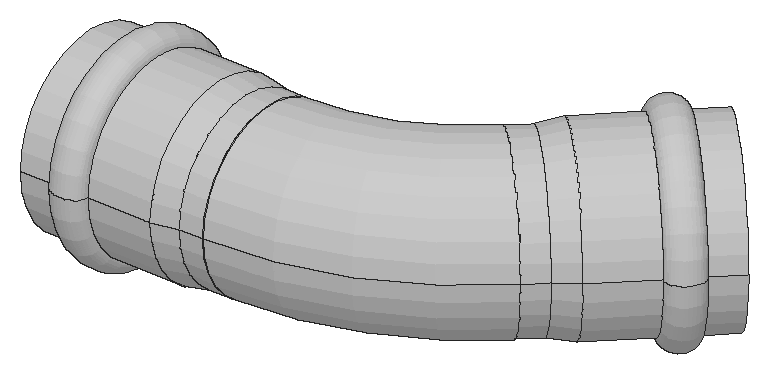
Revit family "VTi.951.I_959.I_Фитинг_пресс-угольник_Нерж_VALTEC", category Соединительные детали трубопроводов, Revit 2023
Family settings
  Размер круглого соединителя = Использовать диаметр
  Тип детали = Отвод
  На основе рабочей плоскости = Нет
  Всегда вертикально = Да
  При загрузке вырезать с полостями = Нет
  Общий = Нет
Parameters
  Угол вращения [instance] = -Угол  # -45.00°
  Угол [instance] = 45.00°
  Отметка по умолчанию = 0.00 mm
  l5 [instance] = size_lookup(LT, "l5", 5.00 mm, dn, Угол)  # 10.78 mm
  l4 [instance] = size_lookup(LT, "l4", 1.00 mm, dn, Угол)  # 11.27 mm
  l3 [instance] = size_lookup(LT, "l3", 8.50 mm, dn, Угол)  # 28.42 mm
  l2 [instance] = size_lookup(LT, "l2", 6.00 mm, dn, Угол)  # 15.96 mm
  l1 [instance] = size_lookup(LT, "l1", 6.00 mm, dn, Угол)  # 14.42 mm
  h_выступа [instance] = size_lookup(LT, "h_выступа", 2.50 mm, dn, Угол)  # 6.00 mm
  dn [instance] = 76 mm
  d1 [instance] = size_lookup(LT, "d1", 13.50 mm, dn)  # 76.00 mm
  d [instance] = size_lookup(LT, "d", 14.70 mm, dn)  # 80.36 mm
  Rz [instance] = size_lookup(LT, "Rz", 20.70 mm, dn, Угол)  # 47.572 mm
  Ra [instance] = Rz / tan(Угол / 2)  # 114.849 mm
  LT = "VTi.951.I_959.I_Фитинг_пресс-угольник_Нерж_VALTEC"  # constant formula
  L [instance] = l1 + l2 + l3 + l4 + l5 + Rz  # 128.422 mm
  ADSK_Примечание [instance] = ""
  ADSK_Позиция [instance] = ""
  ADSK_Обозначение [instance] = ADSK_Марка  # "VTi.959.I.007676"
  ADSK_Наименование [instance] = size_lookup(LT, "", "Типоразмер не найден", dn, Угол)  # "Фитинг из нержавеющей стали - пресс-угольник 45° 76 мм"
  ADSK_Материал = Сталь, нержавеющая - VALTEC
  ADSK_Масса [instance] = size_lookup(LT, "ADSK_Масса", 0, dn, Угол)  # 0.42
  ADSK_Марка [instance] = size_lookup(LT, "ADSK_Марка", "Типоразмер не найден", dn, Угол)  # "VTi.959.I.007676"
  ADSK_Количество = 1  # constant formula
  ADSK_Код изделия [instance] = if(Угол = 45.00°, "VTi.959.I", "VTi.951.I")  # "VTi.959.I"
  ADSK_Завод-изготовитель [instance] = "VALTEC"  # constant formula
  ADSK_Единица измерения = "шт."  # constant formula
Reference planes
  plane 1 "По центру (Вперед/Назад)": y = 0
  plane 2: z = 0
  plane 3 "По центру (Влево/Вправо)": x = 0
  plane 4 "Вращение": x = -47.572
  plane 5: y = 114.849
Forms (mm)
  Revolve 1, solid, material "Сталь, нержавеющая - VALTEC" <- "ADSK_Материал"
    sketch origin (-47.572, 0, 0) x (0, 1, 0) y (0, 0, 1)
      loop
        circle (0, 0) r 38
      axis (114.849, 0) -> (114.849, -1)
    angle from -45 <- "Угол вращения" to 0
Lines and regions (mm)
  model lines
    curve 1: arc (-47.572, 0, 0) -> (-3.621, 8.742, 0) -> (33.638, 33.638, 0) r 114.849
  reference lines
    curve 2: line (0, 0, 0) -> (90.808, 90.808, 0)
    curve 3: line (90.808, 90.808, 0) -> (89.394, 92.222, 0)
Dimensions and locks
  "Rz": plane 4 "Вращение" to plane 3 "По центру (Влево/Вправо)"
  "Ra": plane 1 "По центру (Вперед/Назад)" to plane 5
  "L": curve 2 to curve 2
  "Ra": radius of curve 1
  "d1": diameter of Revolve 1 sketch curve
  "Угол": angle curve 1 to curve 1
  "Угол": angle plane 1 "По центру (Вперед/Назад)" to curve 2
  locked: curve 3 to curve 2 (angle 90.00°)
  "Угол": angle plane 1 "По центру (Вперед/Назад)" to nested 1
  aligned and locked: level to plane 2
  aligned and locked: plane 1 "По центру (Вперед/Назад)" to curve 2
  aligned and locked: plane 3 "По центру (Влево/Вправо)" to curve 2
  aligned and locked: nested 1 to curve 2
  aligned and locked: nested 1 to curve 3
  aligned and locked: plane 1 "По центру (Вперед/Назад)" to nested 2
  aligned and locked: plane 4 "Вращение" to nested 2
  aligned and locked: plane 1 "По центру (Вперед/Назад)" to Revolve 1 sketch curve
  aligned and locked: level to Revolve 1 sketch curve
  aligned and locked: plane 5 to Revolve 1 sketch curve
Automatic sketch dimensions
  plane 1 "По центру (Вперед/Назад)" to curve 1 = 0.00 mm
  curve 1 to plane 4 "Вращение" = 0.00 mm
  Revolve 1 sketch curve to level = 0.00 mm
  Revolve 1 sketch curve to level = 0.942 mm
Nested families
  nested 1: "Патрубок" at (33.638, 33.638, 0) x (-0.7071, -0.7071, 0) z (0, 0, 1), d <- "d", d1 <- "d1", h_выступа <- "h_выступа", l1 <- "l1", l2 <- "l2", l3 <- "l3", l4 <- "l4", l5 <- "l5", ADSK_Материал <- "ADSK_Материал", type "Патрубок"
    with l5 10.78 mm, l4 11.27 mm, l3 28.42 mm, l2 15.96 mm, l1 14.42 mm, h_выступа 6.00 mm, d1 76.00 mm, d 80.36 mm, ADSK_Материал Сталь, нержавеющая - VALTEC
  nested 2: "Патрубок" at (-47.572, 0, 0), d <- "d", d1 <- "d1", h_выступа <- "h_выступа", l1 <- "l1", l2 <- "l2", l3 <- "l3", l4 <- "l4", l5 <- "l5", ADSK_Материал <- "ADSK_Материал", type "Патрубок"
    with l5 10.78 mm, l4 11.27 mm, l3 28.42 mm, l2 15.96 mm, l1 14.42 mm, h_выступа 6.00 mm, d1 76.00 mm, d 80.36 mm, ADSK_Материал Сталь, нержавеющая - VALTEC
Connectors
  piping at (-128.422, 0, 0), diameter 76, driven by "dn", driven by "Угол"
    settings: on nested 2, index 1, connector inside diameter 609.6 mm, connector length 0.00 mm, flow factor 0, pipe flow 0.0 L/s, pressure drop 0.0 Pa, fitting loss kfactor 0, connector angle 45.00°, fixture units 0, engagement length 0.00 mm, angle of deflection 0.00°, flow configuration 0, flow direction 0, fitting loss method 0, system type 28, joint type 0, gender type 0, connector reference index -1, connector utility 0, adjustable connector no, is connector primary yes, connector description ""
  piping at (90.808, 90.808, 0), diameter 76, driven by "dn", driven by "Угол"
    settings: on nested 1, index 2, connector inside diameter 609.6 mm, connector length 0.00 mm, flow factor 0, pipe flow 0.0 L/s, pressure drop 0.0 Pa, fitting loss kfactor 0, connector angle 45.00°, fixture units 0, engagement length 0.00 mm, angle of deflection 0.00°, flow configuration 0, flow direction 0, fitting loss method 0, system type 28, joint type 0, gender type 0, connector reference index -1, connector utility 0, adjustable connector no, is connector primary no, connector description ""
Definition of nested family "Патрубок"
  Parameters (values of type "Патрубок")
    Default Elevation = 0.00 mm
    l5 [instance] = 8.50 mm
    l4 [instance] = 1.50 mm
    l3 [instance] = 8.00 mm
    l2 [instance] = 7.00 mm
    l1 [instance] = 5.50 mm
    h_выступа [instance] = 2.50 mm
    d1 [instance] = 13.50 mm
    d [instance] = 14.70 mm
    ADSK_Материал [instance] = none
  Reference planes
    plane 1 "По центру (Вперед/Назад)": y = 0
    plane 2: z = 0
    plane 3 "По центру (Влево/Вправо)": x = 0
    plane 4: y = 7.35
    plane 5: y = -7.35
    plane 6: x = -18
    plane 7: x = -10
    plane 8: x = -8.5
    plane 9: x = -25
    plane 10: x = -30.5
  Forms (mm)
    Revolve 1, solid, material <- "ADSK_Материал"
      sketch origin (0, 0, 0) x (1, 0, 0) y (0, 1, 0)
        loop
          line (-30.5, 0) -> (-10, 0) -> (-10, 7.35) -> (-18, 7.35)
          spline (-18, 7.35) -> (-18.119, 7.997) -> (-18.469, 8.6) -> (-19.025, 9.118) -> (-19.75, 9.515) -> (-20.594, 9.765) -> (-21.5, 9.85) -> (-22.406, 9.765) -> (-23.25, 9.515) -> (-23.975, 9.118) -> (-24.531, 8.6) -> (-24.881, 7.997) -> (-25, 7.35)
          line (-25, 7.35) -> (-30.5, 7.35) -> (-30.5, 0)
        axis (-30.5, 0) -> (-10, 0)
      angle from 0 to 360
    SweptBlend 2, solid, material <- "ADSK_Материал"
      path in 3D
        loop
          line (-10, 0, 0) -> (-8.5, 0, 0)
      profile origin (-10, 0, 0) x (0, 1, 0) y (0, 0, 1)
        loop
          circle (0, 0) r 7.35
      end profile origin (-8.5, 0, 0) x (0, 1, 0) y (0, 0, 1)
        loop
          circle (0, 0) r 6.75
    Sweep 3, solid, material <- "ADSK_Материал"
      path in 3D
        loop
          line (-8.5, 0, 0) -> (0, 0, 0)
      profile origin (-4.25, 0, 0) x (0, 1, 0) y (0, 0, 1)
        loop
          circle (0, 0) r 6.75
  Cuts and joins
    joined: Revolve 1, SweptBlend 2, Sweep 3
  Lines and regions (mm)
    model lines
      curve 1: line (-30.5, 0, 0) -> (-10, 0, 0)
      curve 2: line (-10, 0, 0) -> (-8.5, 0, 0)
      curve 3: line (-8.5, 0, 0) -> (0, 0, 0)
    sketch lines
      curve 4: line (-10, 0, 0) -> (-8.5, 0, 0)
      curve 5: line (-8.5, 0, 0) -> (0, 0, 0)
  Dimensions and locks
    equal spacing: plane 5, plane 1 "По центру (Вперед/Назад)", plane 4
    "d": plane 5 to plane 4
    "l3": plane 6 to plane 7
    "l4": plane 7 to plane 8
    "l5": plane 8 to plane 3 "По центру (Влево/Вправо)"
    "l2": plane 9 to plane 6
    "l1": plane 10 to plane 9
    "h_выступа": Revolve 1 sketch curve to Revolve 1 sketch curve
    "d": diameter of SweptBlend 2 sketch curve
    "d1": diameter of SweptBlend 2 sketch curve
    "d1": diameter of Sweep 3 sketch curve
    aligned and locked: level to plane 2
    aligned and locked: plane 3 "По центру (Влево/Вправо)" to curve 3
    aligned and locked: plane 8 to curve 3
    aligned and locked: plane 7 to curve 2
    aligned and locked: plane 10 to curve 1
    aligned and locked: plane 1 "По центру (Вперед/Назад)" to curve 1
    aligned and locked: plane 1 "По центру (Вперед/Назад)" to curve 2
    aligned and locked: plane 1 "По центру (Вперед/Назад)" to curve 3
    aligned and locked: plane 10 to Revolve 1 sketch curve
    aligned and locked: plane 7 to Revolve 1 sketch curve
    aligned and locked: plane 4 to Revolve 1 sketch curve  (x2)
    aligned and locked: Revolve 1 sketch curve to plane 1 "По центру (Вперед/Назад)"
    aligned and locked: Revolve 1 sketch curve to curve 1
  Automatic sketch dimensions
    Revolve 1 sketch curve to plane 10 = 0.00 mm
    Revolve 1 sketch curve to plane 9 = 0.00 mm
    Revolve 1 sketch curve to plane 6 = 0.00 mm
    Revolve 1 sketch curve to plane 7 = 0.00 mm
    SweptBlend 2 sketch curve to profile plane = 0.00 mm  (x4)
    Sweep 3 sketch curve to profile plane = 0.00 mm  (x2)
Types in the file's own list only (18): name | Отметка по умолчанию
  Фитинг из нержавеющей стали - пресс-угольник 90° 12 мм | 0.00 мм
  Фитинг из нержавеющей стали - пресс-угольник 90° 15 мм | 0.00 мм
  Фитинг из нержавеющей стали - пресс-угольник 90° 18 мм | 0.00 мм
  Фитинг из нержавеющей стали - пресс-угольник 90° 22 мм | 0.00 мм
  Фитинг из нержавеющей стали - пресс-угольник 90° 28 мм | 0.00 мм
  Фитинг из нержавеющей стали - пресс-угольник 90° 35 мм | 0.00 мм
  Фитинг из нержавеющей стали - пресс-угольник 90° 42 мм | 0.00 мм
  Фитинг из нержавеющей стали - пресс-угольник 90° 54 мм | 0.00 мм
  Фитинг из нержавеющей стали - пресс-угольник 90° 76 мм | 0.00 мм
  Фитинг из нержавеющей стали - пресс-угольник 45° 12 мм | 0.00 мм
  Фитинг из нержавеющей стали - пресс-угольник 45° 15 мм | 0.00 мм
  Фитинг из нержавеющей стали - пресс-угольник 45° 18 мм | 0.00 мм
  Фитинг из нержавеющей стали - пресс-угольник 45° 22 мм | 0.00 мм
  Фитинг из нержавеющей стали - пресс-угольник 45° 28 мм | 0.00 мм
  Фитинг из нержавеющей стали - пресс-угольник 45° 35 мм | 0.00 мм
  Фитинг из нержавеющей стали - пресс-угольник 45° 42 мм | 0.00 мм
  Фитинг из нержавеющей стали - пресс-угольник 45° 54 мм | 0.00 мм
  Фитинг из нержавеющей стали - пресс-угольник 45° 76 мм | 0.00 мм
